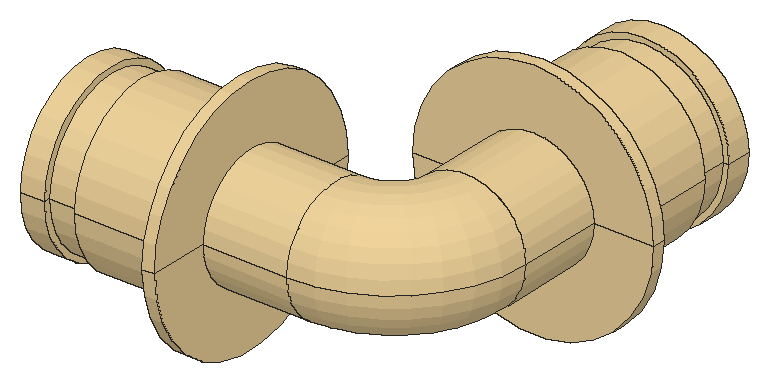
Revit family "ABC-PEX_Фитинг_Колено 90˚", category Соединительные детали трубопроводов, Revit 2019
Family settings
  Размер круглого соединителя = Использовать диаметр
  Тип детали = Отвод
  На основе рабочей плоскости = Нет
  Всегда вертикально = Да
  При загрузке вырезать с полостями = Нет
  Общий = Нет
Parameters
  Таблица выбора = "ABC-PEX_Фитинг_Колено 90˚"  # constant formula
  Материал_Корпус = Латунь
  z [instance] = size_lookup(Таблица выбора, "z", 30 mm, DN1, DN2)  # 26 mm
  Угол1 [instance] = if(and(85.00° < Угол, Угол < 95.00°), 90.00°, 90.00°)  # 90.00°
  d [instance] = DN1 - 4 mm  # 16 mm
  R [instance] = DN1 / 2 + 2 mm  # 12 mm
  DN2 [instance] = 20 mm
  DN1 [instance] = 20 mm
  Угол [instance] = 90.00°
  a [instance] = size_lookup(Таблица выбора, "a", 30 mm, DN1, DN2, Угол)  # 43 mm
  URL = "http://aquatherm.ru/"
  ADSK_Примечание = ""
  ADSK_Наименование [instance] = size_lookup(Таблица выбора, "ADSK_Наименование", "Нет в каталоге", DN1, DN2)  # "Колено 90° DN20x20"
  ADSK_Масса [instance] = size_lookup(Таблица выбора, "ADSK_Масса", 0, DN1, DN2, Угол)  # 0
  ADSK_Марка [instance] = size_lookup(Таблица выбора, "ADSK_Марка", "Нет в каталоге", DN1, DN2)  # "ABC-F-720"
  ADSK_Завод-изготовитель = "Agpipe"  # constant formula
Reference planes
  plane 1 "По центру (Вперед/Назад)": y = 0
  plane 2: z = 0
  plane 3 "По центру (Влево/Вправо)": x = 0
  plane 4: x = -26
  plane 5: y = 26
  plane 6: y = 43
  plane 7: x = -43
  plane 8: x = -10
  plane 9: x = 10
  plane 10: y = -10
  plane 11: y = 10
Forms (mm)
  Sweep 1, solid, material "Латунь" <- "Материал_Корпус", detail levels fine
    path origin (0, 0, 0) x (1, 0, 0) y (0, 1, 0)
      loop
        line (-26, 0) -> (-12, 0)
        arc (-12, 0) -> (-3.515, 3.515) -> (0, 12) r 12
        line (0, 12) -> (0, 26)
    profile origin (-19, 0, 0) x (0, 1, 0) y (0, 0, 1)
      loop
        circle (0, 0) r 10
      loop
        circle (0, 0) r 8
  Revolve 2, solid, material "Латунь" <- "Материал_Корпус", detail levels fine
    sketch origin (0, 0, 0) x (1, 0, 0) y (0, 1, 0)
      loop
        line (10, 43) -> (7.965, 43) -> (7.965, 26) -> (20, 26) -> (20, 28) -> (10, 28) -> (10, 43)
      axis (0, 43) -> (0, 26)
    angle from 0 to 360
  Revolve 3, solid, material "Латунь" <- "Материал_Корпус", detail levels fine
    sketch origin (0, 0, 0) x (0, 1, 0) y (-1, 0, 0)
      loop
        line (10, 43) -> (7.965, 43) -> (7.965, 26) -> (20, 26) -> (20, 28) -> (10, 28) -> (10, 43)
      axis (0, 43) -> (0, 26)
    angle from 0 to 360
Lines and regions (mm)
  reference lines
    curve 1: line (0, 0, 0) -> (-26, 0, 0)
  symbolic lines, detail levels coarse+medium
    curve 2: line (-43, 0, 0) -> (0, 0, 0)
    curve 3: line (0, 0, 0) -> (0, 43, 0)
Dimensions and locks
  "z": plane 1 "По центру (Вперед/Назад)" to plane 5
  "z": plane 4 to plane 3 "По центру (Влево/Вправо)"
  "a": plane 7 to plane 3 "По центру (Влево/Вправо)"
  "a": plane 1 "По центру (Вперед/Назад)" to plane 6
  equal spacing: plane 8, plane 3 "По центру (Влево/Вправо)", plane 9
  "DN1": plane 8 to plane 9
  locked: Revolve 2 sketch curve to plane 9 at 2.035
  locked: plane 9 to Revolve 2 sketch curve at 10
  locked: Revolve 2 sketch curve to plane 5 at 2
  equal spacing: plane 10, plane 1 "По центру (Вперед/Назад)", plane 11
  locked: Revolve 3 sketch curve to plane 11 at 2.035
  locked: plane 11 to Revolve 3 sketch curve at 10
  "DN1": plane 11 to plane 10
  "R": radius of Sweep 1 sketch curve
  "DN1": diameter of Sweep 1 sketch curve
  "d": diameter of Sweep 1 sketch curve
  aligned and locked: level to plane 2
  aligned and locked: plane 3 "По центру (Влево/Вправо)" to nested 1
  aligned and locked: plane 1 "По центру (Вперед/Назад)" to nested 1
  aligned and locked: curve 1 to plane 1 "По центру (Вперед/Назад)"
  aligned and locked: plane 4 to curve 1
  aligned and locked: curve 1 to nested 1
  aligned and locked: plane 4 to Sweep 1 sketch curve
  aligned and locked: plane 1 "По центру (Вперед/Назад)" to Sweep 1 sketch curve
  aligned and locked: plane 3 "По центру (Влево/Вправо)" to Sweep 1 sketch curve
  aligned and locked: plane 5 to Sweep 1 sketch curve
  aligned and locked: plane 5 to Revolve 2 sketch curve
  aligned and locked: Revolve 2 sketch curve to plane 9
  aligned and locked: Revolve 2 sketch curve to plane 6
  aligned and locked: Revolve 3 sketch curve to plane 11
  aligned and locked: nested 3 to Revolve 3
  aligned and locked: nested 3 to plane 1 "По центру (Вперед/Назад)"
  aligned and locked: Revolve 2 to nested 2
  aligned and locked: plane 3 "По центру (Влево/Вправо)" to nested 2
  aligned and locked: plane 6 to curve 3
  aligned and locked: plane 7 to curve 2
Automatic sketch dimensions
  curve 1 to plane 3 "По центру (Влево/Вправо)" = 0 mm
  plane 1 "По центру (Вперед/Назад)" to curve 2 = 0 mm
  curve 2 to plane 3 "По центру (Влево/Вправо)" = 0 mm
  Sweep 1 sketch curve to Sweep 1 sketch curve = 0 mm  (x2)
  Sweep 1 sketch curve to level = 0 mm
  Sweep 1 sketch curve to profile plane = 0 mm
  Revolve 2 sketch curve to plane 3 "По центру (Влево/Вправо)" = 0 mm
  plane 1 "По центру (Вперед/Назад)" to Revolve 2 sketch curve = 2000 mm
  plane 6 to Revolve 2 sketch curve = 1957 mm
  Revolve 3 sketch curve to plane 1 "По центру (Вперед/Назад)" = 0 mm
  Revolve 3 sketch curve to plane 4 = 0 mm
  Revolve 3 sketch curve to plane 7 = 0 mm
  Revolve 3 sketch curve to Revolve 3 sketch curve = 2 mm
  plane 3 "По центру (Влево/Вправо)" to Revolve 3 sketch curve = 2000 mm
  Revolve 3 sketch curve to plane 7 = 1957 mm
Nested families
  nested 1: "Семейство2" at (0, 0, 0), a <- "Угол1", d <- "DN1", z <- "z", Материал_Корпус <- "Материал_Корпус", type "Семейство2", not visible
    with Материал_Корпус Латунь, z 26 mm, l 205 mm, d 20 mm, a 90.00°, D 208 mm, 1 no
  nested 2: "ABC-PEX_Фитинг_Надвижная гильза" at (0, 40.5, 0) x (0, 1, 0) z (0, 0, 1), DN <- "DN2", type "ABC-PEX_Фитинг_Надвижная гильза", detail levels fine
    with b 28 mm, a 25 mm, DN 20 mm, ADSK_Наименование "Надвижная гильза DN20", ADSK_Масса 0.012, ADSK_Марка "ABC-F-120"
  nested 3: "ABC-PEX_Фитинг_Надвижная гильза" at (-40.5, 0, 0) x (-1, 0, 0) z (0, 0, 1), DN <- "DN1", type "ABC-PEX_Фитинг_Надвижная гильза", detail levels fine
    with b 28 mm, a 25 mm, DN 20 mm, ADSK_Наименование "Надвижная гильза DN20", ADSK_Масса 0.012, ADSK_Марка "ABC-F-120"
Connectors
  piping at (-26, 0, 0), diameter 20, driven by "DN1", driven by "Угол"
    settings: on curve 1, index 1, connector inside diameter 609.6 mm, connector length 0 mm, flow factor 0, pipe flow 0.0 L/s, pressure drop 0.0 Pa, fitting loss kfactor 0, connector angle 90.00°, fixture units 0, engagement length 0 mm, angle of deflection 0.00°, flow configuration 0, flow direction 0, fitting loss method 0, system type 28, joint type 0, gender type 0, connector reference index 2, connector utility 0, adjustable connector no, is connector primary yes, connector description ""
  piping at (0, 26, 0), diameter 20, driven by "DN2", driven by "Угол"
    settings: on nested 1, index 2, connector inside diameter 609.6 mm, connector length 0 mm, flow factor 0, pipe flow 0.0 L/s, pressure drop 0.0 Pa, fitting loss kfactor 0, connector angle 90.00°, fixture units 0, engagement length 0 mm, angle of deflection 0.00°, flow configuration 0, flow direction 0, fitting loss method 0, system type 28, joint type 0, gender type 0, connector reference index 1, connector utility 0, adjustable connector no, is connector primary no, connector description ""
Definition of nested family "ABC-PEX_Фитинг_Надвижная гильза"
  Parameters (values of type "ABC-PEX_Фитинг_Надвижная гильза")
    Таблица выбора = "ABC-PEX_Фитинг_Надвижная гильза"  # constant formula
    Маткриал_Корпус = none
    b [instance] = size_lookup(Таблица выбора, "b", 30 mm, DN)  # 24 mm
    a [instance] = size_lookup(Таблица выбора, "a", 30 mm, DN)  # 24 mm
    DN [instance] = 16 mm
    ADSK_Примечание = ""
    ADSK_Наименование [instance] = size_lookup(Таблица выбора, "ADSK_Наименование", "Нет в каталоге", DN)  # "Надвижная гильза DN16"
    ADSK_Масса [instance] = size_lookup(Таблица выбора, "ADSK_Масса", 0, DN)  # 0.008
    ADSK_Марка [instance] = size_lookup(Таблица выбора, "ADSK_Марка", "Нет в каталоге", DN)  # "ABC-F-116"
    ADSK_Завод-изготовитель = "Agpipe"  # constant formula
  Reference planes
    plane 1 "По центру (Вперед/Назад)": y = 0
    plane 2: z = 0
    plane 3 "По центру (Влево/Вправо)": x = 0
    plane 4: y = 12
    plane 5: y = -12
    plane 6: x = -12
    plane 7: x = 12
    plane 8: y = 8
    plane 9: y = -8
  Forms (mm)
    Revolve 1, solid, material <- "Маткриал_Корпус"
      sketch origin (0, 0, 0) x (1, 0, 0) y (0, 1, 0)
        loop
          line (-12, 12) -> (-12, 10) -> (12, 10) -> (12, 12) -> (8, 12) -> (8, 11) -> (3, 11) -> (3, 12) -> (-12, 12)
        axis (-12, 0) -> (12, 0)
      angle from 0 to 360
  Lines and regions (mm)
    reference lines
      curve 1: line (-12, 0, 0) -> (12, 0, 0)
  Dimensions and locks
    equal spacing: plane 4, plane 1 "По центру (Вперед/Назад)", plane 5
    "b": plane 4 to plane 5
    equal spacing: plane 6, plane 3 "По центру (Влево/Вправо)", plane 7
    "a": plane 6 to plane 7
    plane 4 to Revolve 1 sketch curve = 2 mm
    equal spacing: plane 9, plane 1 "По центру (Вперед/Назад)", plane 8
    "DN": plane 9 to plane 8
    Revolve 1 sketch curve to Revolve 1 sketch curve to plane 7 = 5 mm locked, 4 mm locked
    Revolve 1 sketch curve to Revolve 1 sketch curve to plane 4 = 1 mm locked, 1 mm locked
    aligned and locked: level to plane 2
    aligned and locked: plane 1 "По центру (Вперед/Назад)" to Revolve 1 sketch curve
    aligned and locked: plane 4 to Revolve 1 sketch curve
    aligned and locked: Revolve 1 sketch curve to plane 4
    aligned and locked: plane 6 to Revolve 1 sketch curve
    aligned and locked: plane 7 to Revolve 1 sketch curve
    aligned and locked: plane 7 to curve 1
    aligned and locked: plane 6 to curve 1
  Automatic sketch dimensions
    plane 1 "По центру (Вперед/Назад)" to curve 1 = 0 mm
    plane 6 to Revolve 1 sketch curve = 5 mm
    Revolve 1 sketch curve to plane 7 = 4 mm
  Connectors
    piping at (-12, 0, 0), diameter 16, driven by "DN"
      settings: on curve 1, index 1, connector inside diameter 609.6 mm, connector length 0 mm, flow factor 0, pipe flow 0.0 L/s, pressure drop 0.0 Pa, fitting loss kfactor 0, connector angle 0.00°, fixture units 0, engagement length 0 mm, angle of deflection 0.00°, flow configuration 0, flow direction 0, fitting loss method 0, system type 28, joint type 0, gender type 0, connector reference index 2, connector utility 0, adjustable connector no, is connector primary yes, connector description ""
    piping at (12, 0, 0), diameter 16, driven by "DN"
      settings: on curve 1, index 2, connector inside diameter 609.6 mm, connector length 0 mm, flow factor 0, pipe flow 0.0 L/s, pressure drop 0.0 Pa, fitting loss kfactor 0, connector angle 0.00°, fixture units 0, engagement length 0 mm, angle of deflection 0.00°, flow configuration 0, flow direction 0, fitting loss method 0, system type 28, joint type 0, gender type 0, connector reference index 1, connector utility 0, adjustable connector no, is connector primary no, connector description ""
Definition of nested family "Семейство2"
  Parameters (values of type "Семейство2")
    Материал_Корпус [instance] = none
    z [instance] = 30 mm
    l [instance] = 130 mm
    d [instance] = 16 mm
    a [instance] = 27.00°
    D [instance] = 10 mm
    1 [instance] = yes
  Reference planes
    plane 1 "По центру (Вперед/Назад)": y = 0
    plane 2: z = 0
    plane 3 "По центру (Влево/Вправо)": x = 0
  Dimensions and locks
    "a": angle plane 1 "По центру (Вперед/Назад)" to nested 1
    aligned and locked: level to plane 2
  Nested families
    nested 1: "Семейство1" at (0, 0, 0) x (0.891, 0.454, 0) z (0, 0, 1), D <- "D", l <- "l", d <- "d", z <- "z", Материал_Корпус <- "Материал_Корпус", visible <- "1", type "Семейство1"
      with Материал_Корпус none, z 30 mm, l 130 mm, d 16 mm, D 10 mm, 1 yes
  Definition of nested family "Семейство1"
    Parameters (values of type "Семейство1")
      Материал_Корпус [instance] = none
      z [instance] = 60.854 mm
      l [instance] = 130.662 mm
      d [instance] = 83.545 mm
      D [instance] = 10 mm  # constant formula
      1 [instance] = yes
    Reference planes
      plane 1 "По центру (Вперед/Назад)": y = 0
      plane 2: z = 0
      plane 3 "По центру (Влево/Вправо)": x = 0
      plane 4: x = 60.854
      plane 5: x = 60.854
    Forms (mm)
      Extrusion 1, solid, visible <- "1"
        sketch origin (0, 0, 0) x (0, 1, 0) y (0, 0, 1)
          loop
            circle (0, 0) r 5
        from 0 to 60.854
    Dimensions and locks
      "z": plane 3 "По центру (Влево/Вправо)" to plane 4
      "D": diameter of Extrusion 1 sketch curve
      aligned and locked: level to plane 2
      aligned and locked: plane 4 to Extrusion 1
      aligned and locked: Extrusion 1 to plane 3 "По центру (Влево/Вправо)"
    Automatic sketch dimensions
      Extrusion 1 sketch curve to level = 0 mm
      Extrusion 1 sketch curve to plane 1 "По центру (Вперед/Назад)" = 0 mm
